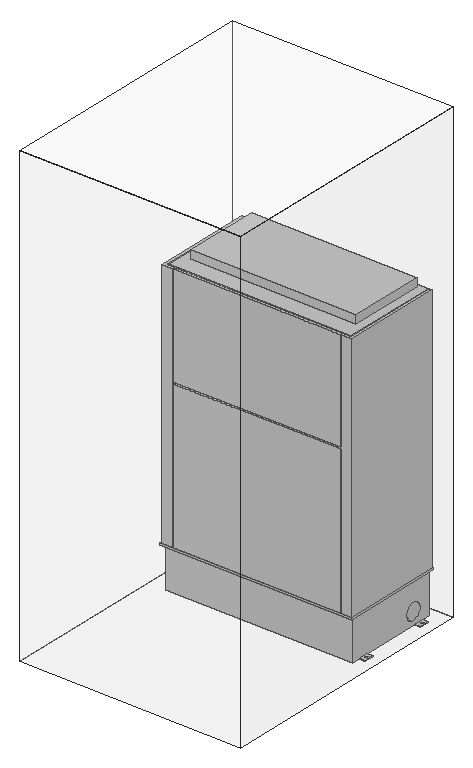
Revit family "pfav-p280_560dmwj_60Hz", category 機械設備, Revit 2019
Family settings
  丸型コネクタ寸法 = 直径を使用
  パーツ タイプ = 標準
  OmniClass 番号 = 23.75.10.24.21.27.27
  OmniClass タイトル = Split System Air Conditioning Units
  作業面ベース = いいえ
  常に垂直 = はい
  ロード時にボイドで切り取り = いいえ
  共有 = いいえ
  部屋計算ポイント = いいえ
Parameters (values of type "PFAV-P280DMWJ")
  風量（m3／min） = 70
  風量 = MAX風量  # 4200 m³/h
  音響パワーレベル(dB) = 68
  電源種別 = ""
  電圧_電気ヒーター = 0 V
  電圧 = 200 V
  電動機出力_送風機 = 1200.000 W
  電動機出力_圧縮機 = 6460.000 W
  運転質量 = 0.00 kg
  連動 = ""
  質量 = if(製品質量 > 運転質量, 製品質量, 運転質量) * 1.2  # 286.80 kg
  負荷分類 = 3_ファン類
  説明 = "設備用パッケージエアコン 空冷床置形・冷暖兼用 ユニット内洗浄可能シリーズ"
  設計暖房能力 [instance] = 0 kW
  設計冷房能力_顕熱 [instance] = 0 kW
  設計冷房能力 [instance] = 0 kW
  設置方法 = "床置立形"
  記号 [instance] = ""
  製造元 = "三菱電機株式会社"
  製品質量 = 239.00 kg
  製品出荷対象 = "国内"
  製品リリース年月 = "2023年06月30日"
  製品グループ = ""
  系統 [instance] = ""
  符号 = "PAC-FRV"
  積算_科目 = "1 空気調和設備"
  積算_拾い区分 [instance] = ""
  相 = 3
  盤記号 [instance] = ""
  発停方法 = ""
  特殊仕様 [instance] = ""
  火災停止 = ""
  消費電力_電気ヒーター = 0.000 W
  消費電力_暖房 = 490.000 W
  消費電力_加湿器 = 0.000 W
  消費電力_冷房 = 490.000 W
  消費電力 = if(消費電力_冷房 > 消費電力_暖房, 消費電力_冷房, 消費電力_暖房) + 消費電力_加湿器 + 消費電力_電気ヒーター  # 490.000 W
  法定耐用年数 = "15"
  機械基礎質量 [instance] = 0.00 kg
  機械基礎_W = 0.00 mm
  機械基礎_H = 0.00 mm
  機械基礎_D = 0.00 mm
  機械基礎 [instance] = no
  機外静圧 = 30.0 Pa
  極数 = 3
  材質 [instance] = ""
  本体マテリアル = none
  有効加湿量 = 0
  最小電線太さ_mm = 1.6
  最大電流値 = 4.7 A
  暖房能力 = 28 kW
  推奨ブレーカー容量 = 15 A
  形式_加湿器 = ""
  形式 = "床置（露出）立形"
  形名 = PFAV-P-DMWJ : PFAV-P280DMWJ
  幹線記号 [instance] = ""
  始動方式 = "直入"
  呼称 = "パッケージ形空気調和機_室内機"
  周波数 = 60 Hz
  台数_手元リモコン [instance] = ""
  台数_冷媒分岐ユニット [instance] = ""
  参照している仕様書等のバージョン = "公共建築工事標準仕様書（機械設備工事編）平成31年度版"
  加湿給水管径 = 0.00 mm
  分類コード = "50053003020020"
  分類グループ = ""
  冷房能力 = 25 kW
  冷媒高低圧ガス管径 = 0.00 mm
  冷媒管径符号 = "Bf"
  冷媒管径 = 100.00 mm
  冷媒液管径 = 9.52 mm
  冷媒ガス管径 = 22.20 mm
  価格 = 0
  企業コード = "108420"
  付属品_フィルター = ""
  付属品 [instance] = ""
  仕様書バージョン = "Version1.0"
  モデル = "PFAV-P280DMWJ"
  ドレン管径 = 48.60 mm
  ダクト高 = 484 mm
  ダクト幅 = 1050 mm
  サービススペース = yes
  コメント [instance] = ""
  Keynote = ""
  Width = 1200.00 mm
  Version = ""
  Uniclass2015Version = "Systems v1.9"
  Uniclass2015Title = "Split coil remote air cooled condensing units"
  Uniclass2015Code = "Pr_70_65_03_84"
  URL = "https://www.mitsubishielectric.co.jp/ldg/wink/ssl/displayProduct.do?pid=326773&ccd"
  S寸法 = 150.00 mm
  SpecificationReference = ""
  SpecificationDescription = ""
  Revision = ""
  ProductInformation = ""
  OmniClassCode = "23-33 17 13 11"
  MAX風量 = 風量（m3／min） * 60 m³/h  # 4200 m³/h
  IfcTypeProduct = ""
  IfcProduct = ""
  IfcExportType = "AIRCONDITIONINGUNIT"
  IfcExportAs = "IfcUnitaryEquipmentType"
  Height = 1900.00 mm
  Depth = 635.00 mm
  Clearance Top = 1000.00 mm
  Clearance Right = 100.00 mm
  Clearance Left = 100.00 mm
  Clearance Front = 1000.00 mm
  Clearance Back = 50.00 mm
  COP = 0
  Author = "三菱電機株式会社"
  APF = 0
Types (2, lengths in mm): name | 風量（m3／min） | 風量 | 音響パワーレベル(dB) | 電動機出力_送風機 | 電動機出力_圧縮機 | 質量 | 製品質量 | 消費電力_暖房 | 消費電力_冷房 | 消費電力 | 最大電流値 | 暖房能力 | 形名 | 冷房能力 | 冷媒管径符号 | 冷媒液管径 | 冷媒ガス管径 | モデル | ダクト高 | ダクト幅 | Width | URL | MAX風量
  PFAV-P280DMWJ | 70 | 4200 m³/h | 68 | 1200.000 W | 6460.000 W | 286.80 kg | 239.00 kg | 490.000 W | 490.000 W | 490.000 W | 4.7 A | 28 kW | PFAV-P-DMWJ : PFAV-P280DMWJ | 25 kW | "Bf" | 9.52 | 22.20 | "PFAV-P280DMWJ" | 484 | 1050 | 1200.00 | "https://www.mitsubishielectric.co.jp/ldg/wink/ssl/displayProduct.do?pid=326773&ccd" | 4200 m³/h
  PFAV-P560DMWJ | 165 | 9900 m³/h | 76 | 2400.000 W | 12700.000 W | 404.40 kg | 337.00 kg | 1580.000 W | 1580.000 W | 1580.000 W | 8.7 A | 56 kW | PFAV-P-DMWJ : PFAV-P560DMWJ | 50 kW | "Dh" | 15.88 | 28.58 | "PFAV-P560DMWJ" | 485 | 1257 | 1720.00 | "https://www.mitsubishielectric.co.jp/ldg/wink/ssl/displayProduct.do?pid=326774&ccd" | 9900 m³/h
Reference planes
  plane 1: z = 0
  plane 2 "上": z = 1802
  plane 3: z = 1900
  plane 4: z = 0
  plane 5: z = 2900
  plane 6 "中心(正面/背面)": y = -317.5
  plane 7 "中心(左/右)": x = 0
  plane 8 "左": x = -600
  plane 9 "右": x = 600
  plane 10 "正面": y = -635
  plane 11 "背面": y = 0
  plane 12: y = 150
  plane 13: x = -750
  plane 14: y = -785
  plane 15: y = 50
  plane 16: y = -1635
  plane 17: x = -700
  plane 18: x = 700
  plane 19: x = 750
Dimensions and locks
  locked: plane 3 to plane 2 "上" at 98
  "Height": plane 3 to plane 4
  "Clearance Top": plane 5 to plane 3
  "機械基礎_H": plane 4 to plane 1
  equal spacing: plane 8 "左", plane 7 "中心(左/右)", plane 9 "右"
  "Width": plane 8 "左" to plane 9 "右"
  equal spacing: plane 10 "正面", plane 6 "中心(正面/背面)", plane 11 "背面"
  "Depth": plane 10 "正面" to plane 11 "背面"
  "Clearance Left": plane 17 to plane 8 "左"
  "Clearance Right": plane 9 "右" to plane 18
  "Clearance Front": plane 16 to plane 10 "正面"
  "Clearance Back": plane 11 "背面" to plane 15
  aligned and locked: level to plane 1
  aligned and locked: plane 18 to nested 1
  aligned and locked: plane 16 to nested 1
  aligned and locked: nested 1 to plane 17
  aligned and locked: nested 1 to plane 15
  aligned and locked: plane 7 "中心(左/右)" to nested 2
  aligned and locked: plane 6 "中心(正面/背面)" to nested 2
  aligned and locked: plane 5 to nested 1
  aligned and locked: plane 4 to nested 2
Nested families
  nested 1: "サービススペース（pfav-p224_560dme3）" at (0, -792.5, 1450), visible <- "サービススペース", type "サービススペース（pfav-p224_560dme3）"
    with Width 1400.00 mm, Height 2900.00 mm, Depth 1685.00 mm
  nested 2: "PFAV-P-DMWJ" at (0, -317.5, 0), マテリアル1 <- "本体マテリアル", type <- "形名", type "PFAV-P280DMWJ"
    with 表示 yes, マテリアル2 none, マテリアル1 none
Connectors
  piping at (593.5, -138, 81.5), diameter 100, driven by "冷媒管径", driven by "冷媒管径符号"
    settings: on nested 2, index 3, connector inside diameter 609.60 mm, connector length 0.00 mm, flow factor 0, pipe flow 0.0 L/s, pressure drop 0.0 Pa, fitting loss kfactor 0, connector angle 0.00°, fixture units 0, engagement length 0.00 mm, angle of deflection 0.00°, flow configuration 1, flow direction 1, fitting loss method 4, system type 7, joint type 0, gender type 0, connector reference index -1, connector utility 0, adjustable connector no, is connector primary yes, connector description "Bf"
  electrical at (600, -317.5, 1055), driven by "極数", driven by "負荷分類", driven by "電圧", driven by "消費電力"
    settings: on nested 2, index 6, voltage 200 V, apparent load 490 VA, apparent load phase1 0 VA, apparent load phase2 0 VA, apparent load phase3 0 VA, power factor 1, load classification "3_ファン類", number of poles 3, system type 30, power factor state 1, is connector primary yes, connector utility no, sub classification motor no, connector description ""
  hvac at (0, -262, 1900), driven by "ダクト幅", driven by "ダクト高", driven by "風量", driven by "機外静圧"
    settings: on nested 2, index 7, duct flow 4200 m³/h, flow factor 0, pres drop 30.0 Pa, loss coef 0, conn angle 0.00°, conn width 484 mm, conn height 1050 mm, conn diameter 609.6 mm, duct sys type 1, conn prof type 1, flow config 1, flow direction 2, loss method 4, conn ref index -1, conn util no, is conn primary yes, conn desc ""
  piping at (-593.5, -138, 81.5), diameter 100, driven by "冷媒管径符号", driven by "冷媒管径"
    settings: on nested 2, index 9, connector inside diameter 609.60 mm, connector length 0.00 mm, flow factor 0, pipe flow 0.0 L/s, pressure drop 0.0 Pa, fitting loss kfactor 0, connector angle 0.00°, fixture units 0, engagement length 0.00 mm, angle of deflection 0.00°, flow configuration 1, flow direction 1, fitting loss method 4, system type 7, joint type 0, gender type 0, connector reference index -1, connector utility 0, adjustable connector no, is connector primary no, connector description "Bf"
  piping at (-593.5, -310, 109), diameter 48.6, driven by "ドレン管径"
    settings: on nested 2, index 10, connector inside diameter 609.60 mm, connector length 0.00 mm, flow factor 0, pipe flow 0.0 L/s, pressure drop 0.0 Pa, fitting loss kfactor 0, connector angle 0.00°, fixture units 0, engagement length 0.00 mm, angle of deflection 0.00°, flow configuration 1, flow direction 2, fitting loss method 4, system type 16, joint type 0, gender type 0, connector reference index -1, connector utility 0, adjustable connector no, is connector primary no, connector description ""
Definition of nested family "サービススペース（pfav-p224_560dme3）"
  Parameters (values of type "サービススペース")
    Width [instance] = 500.00 mm
    Height [instance] = 500.00 mm
    Depth [instance] = 500.00 mm
  Reference planes
    plane 1 "中心(正面/背面)": y = 0
    plane 2: z = 0
    plane 3 "中心(左/右)": x = 0
    plane 4: y = -250
    plane 5: x = 250
    plane 6: y = 250
    plane 7: x = -250
    plane 8: z = 250
    plane 9: z = -250
  Forms (mm)
    Extrusion 1, solid
      sketch origin (-638.939, 0, 72.39) x (1, 0, 0) y (0, 1, 0)
        loop
          line (388.939, 250) -> (388.939, -250) -> (888.939, -250) -> (888.939, 250) -> (388.939, 250)
      from -322.39 to 177.61
  Lines and regions (mm)
    symbolic lines
      curve 1: line (-250, 0, 250) -> (250, 0, 250)
      curve 2: line (-250, 0, -250) -> (-250, 0, 250)
      curve 3: line (250, 0, -250) -> (-250, 0, -250)
      curve 4: line (250, 0, 250) -> (250, 0, -250)
      curve 5: line (0, -250, 250) -> (0, 250, 250)
      curve 6: line (0, -250, -250) -> (0, -250, 250)
      curve 7: line (0, 250, -250) -> (0, -250, -250)
      curve 8: line (0, 250, 250) -> (0, 250, -250)
      curve 9: line (-250, 250, 0) -> (250, 250, 0)
      curve 10: line (-250, -250, 0) -> (-250, 250, 0)
      curve 11: line (250, -250, 0) -> (-250, -250, 0)
      curve 12: line (250, 250, 0) -> (250, -250, 0)
  Dimensions and locks
    equal spacing: plane 7, plane 3 "中心(左/右)", plane 5
    equal spacing: plane 4, plane 1 "中心(正面/背面)", plane 6
    "Depth": plane 4 to plane 6
    "Width": plane 7 to plane 5
    equal spacing: plane 8, plane 2, plane 9
    "Height": plane 8 to plane 9
    aligned and locked: plane 9 to curve 3
    aligned and locked: plane 7 to curve 2
    aligned and locked: curve 4 to plane 5
    aligned and locked: plane 5 to Extrusion 1
    aligned and locked: Extrusion 1 to plane 7
    aligned and locked: Extrusion 1 to plane 9
    aligned and locked: plane 8 to Extrusion 1
    aligned and locked: plane 9 to curve 7
  Automatic sketch dimensions
    plane 4 to Extrusion 1 sketch curve = 0.00 mm
    Extrusion 1 sketch curve to plane 7 = 0.00 mm
    Extrusion 1 sketch curve to plane 5 = 0.00 mm
    plane 6 to Extrusion 1 sketch curve = 0.00 mm
    curve 2 to plane 8 = 0.00 mm
    plane 4 to curve 11 = 0.00 mm
    curve 11 to plane 7 = 0.00 mm
    curve 11 to plane 5 = 0.00 mm
    plane 6 to curve 10 = 0.00 mm
    curve 7 to plane 4 = 0.00 mm
    curve 7 to plane 6 = 0.00 mm
    curve 6 to plane 8 = 0.00 mm
Definition of nested family "PFAV-P-DMWJ"
  Parameters (values of type "PFAV-P280DMWJ")
    液径 = 9.52 mm
    液-W = 0.00 mm
    液-H = 225.00 mm
    液-D = 185.00 mm
    高 = 1850.00 mm
    電源径 = 43.00 mm
    電源-W = 0.00 mm
    電源-H = 90.00 mm
    電源-D = 385.00 mm
    表示 [instance] = yes
    最外形-幅 = 1261.00 mm
    幅 = 1200.00 mm
    奥行 = 635.00 mm
    吊りボルト径 = 14.00 mm
    吊りボルト-W = 1230.00 mm
    吊りボルト-D = 440.00 mm
    吊りボルト-H = 0.00 mm
    加湿給水管径 = 27.00 mm
    加湿給水-W = 365.00 mm
    加湿給水-H = 520.00 mm
    加湿給水-D = 0.00 mm
    冷媒径 = 100.00 mm
    ガス径 = 19.05 mm
    ガス-W = 0.00 mm
    ガス-H = 215.00 mm
    ガス-D = 107.00 mm
    マテリアル2 [instance] = none
    マテリアル1 [instance] = none
    ドレン径 = 48.60 mm
    ドレン-W = 0.00 mm
    ドレン-H = 117.00 mm
    ドレン-D = 310.00 mm
    w = 1050.00 mm
    h = 50.00 mm
    d = 484.00 mm
    b = 75.00 mm
    a = 19.00 mm
    P560 = no
    P280 = yes
  Types (2, lengths in mm): name | 液径 | 液-H | 液-D | 電源径 | 電源-H | 電源-D | 最外形-幅 | 幅 | 吊りボルト-W | 加湿給水-W | 加湿給水-H | ガス径 | ガス-H | ガス-D | w | d | b | a | P560 | P280
    PFAV-P560DMWJ | 12.70 | 296.00 | 118.00 | 52.00 | 100.00 | 530.00 | 1781.00 | 1720.00 | 1750.00 | 438.00 | 680.00 | 28.58 | 296.00 | 238.00 | 1257.00 | 485.00 | 82.00 | 21.00 | yes | no
    PFAV-P280DMWJ | 9.52 | 225.00 | 185.00 | 43.00 | 90.00 | 385.00 | 1261.00 | 1200.00 | 1230.00 | 365.00 | 520.00 | 19.05 | 215.00 | 107.00 | 1050.00 | 484.00 | 75.00 | 19.00 | no | yes
  Reference planes
    plane 1 "中心(正面/背面)": y = 0
    plane 2: z = 0
    plane 3 "中心(左/右)": x = 0
    plane 4: x = 600
    plane 5: x = -600
    plane 6: y = 317.5
    plane 7: y = -317.5
    plane 8: z = 1900
    plane 9: z = 1850
    plane 10: z = 260
    plane 11: y = 235.5
    plane 12: x = 615
    plane 13: x = -615
    plane 14: y = -237.5
    plane 15: z = 117
    plane 16: z = 90
    plane 17: y = 132.5
    plane 18: z = 225
    plane 19: z = 215
    plane 20: x = 580
    plane 21: x = -580
    plane 22: y = -297.5
    plane 23: x = -530
    plane 24: x = 530
    plane 25: y = -314.5
    plane 26: y = 297.5
    plane 27: z = 5
    plane 28: x = 525
    plane 29: x = -525
    plane 30: y = -206.5
    plane 31: y = -186.5
    plane 32: y = 7.5
    plane 33: y = -67.5
    plane 34: x = 603
    plane 35: y = 171.5
    plane 36: z = 220
    plane 37: y = -47.5
    plane 38: z = 1200
    plane 39: z = 1210
    plane 40: x = -590.5
    plane 41: x = 590.5
    plane 42: x = -630.5
    plane 43: x = 630.5
    plane 44: y = 310
    plane 45: y = -296
    plane 46: y = 179.5
    plane 47: z = 81.5
    plane 48 "ドレン": z = 160
    plane 49 "58": y = -248
    plane 50 "60": y = -188
    plane 51 "380": y = 192
    plane 52: y = -229.5
    plane 53: y = 222
    plane 54: y = 252
    plane 55 "吹き出し-P280_1": x = -492
    plane 56 "吹き出し-P280_2": x = 492
    plane 57 "吹き出し-P560_2": x = 806
    plane 58 "吹き出し-P560_1": x = -736
    plane 59: y = -218
    plane 60 "6-L": x = -606
    plane 61 "6-R": x = 606
    plane 62: z = 270
    plane 63: y = 7.5
  Forms (mm)
    Extrusion 1, solid, material <- "マテリアル1", visible <- "表示", detail levels fine
      sketch origin (0, 0, -400) x (1, 0, 0) y (0, 1, 0)
        loop
          line (530, -297.5) -> (-530, -297.5) -> (-530, -317.5) -> (530, -317.5) -> (530, -297.5)
      from 1610 to 2250
    Extrusion 2, solid, material <- "マテリアル1", visible <- "表示", detail levels fine
      sketch origin (0, 0, -800) x (1, 0, 0) y (0, 1, 0)
        loop
          line (-530, -317.5) -> (530, -317.5) -> (530, -297.5) -> (-530, -297.5) -> (-530, -317.5)
      from 1060 to 2000
    Extrusion 3, solid, material <- "マテリアル2", visible <- "表示", detail levels fine
      sketch origin (0, 0, 0) x (1, 0, 0) y (0, 1, 0)
        loop
          line (590.5, 252) -> (590.5, 192) -> (630.5, 192) -> (630.5, 252) -> (590.5, 252)
        loop
          line (590.5, -188) -> (590.5, -248) -> (630.5, -248) -> (630.5, -188) -> (590.5, -188)
        loop
          line (-630.5, 252) -> (-630.5, 192) -> (-590.5, 192) -> (-590.5, 252) -> (-630.5, 252)
        loop
          line (-630.5, -188) -> (-630.5, -248) -> (-590.5, -248) -> (-590.5, -188) -> (-630.5, -188)
        loop
          circle (-615, 222) r 7
        loop
          circle (615, 222) r 7
        loop
          circle (615, -218) r 7
        loop
          circle (-615, -218) r 7
      from 0 to 5
    Extrusion 4, solid, material <- "マテリアル2", visible <- "表示", detail levels fine
      sketch origin (0, -1140, 0) x (0, -1, 0) y (1, 0, 0)
        loop
          line (-1437.5, 525) -> (-1437.5, -525) -> (-953.5, -525) -> (-953.5, 525) -> (-1437.5, 525)
      from 1850 to 1900
    Extrusion 5, solid, material <- "マテリアル1", visible <- "表示", detail levels fine
      sketch origin (-1437.329, -1524, 1900) x (-1, 0, 0) y (0, -1, 0)
        loop
          line (-837.329, -1841.5) -> (-837.329, -1206.5) -> (-907.329, -1206.5) -> (-907.329, -1226.5) -> (-857.329, -1226.5) -> (-857.329, -1841.5) -> (-837.329, -1841.5)
        loop
          line (-2017.329, -1841.5) -> (-2017.329, -1226.5) -> (-1967.329, -1226.5) -> (-1967.329, -1206.5) -> (-2037.329, -1206.5) -> (-2037.329, -1841.5) -> (-2017.329, -1841.5)
      from -1640 to -50
    Extrusion 6, solid, material <- "マテリアル1", visible <- "表示", detail levels fine
      sketch origin (-1437.329, -1524, 1900) x (-1, 0, 0) y (0, -1, 0)
        loop
          line (-2017.329, -1841.5) -> (-857.329, -1841.5) -> (-857.329, -1226.5) -> (-2017.329, -1226.5) -> (-2017.329, -1841.5)
      from -1640 to -50
    Extrusion 7, solid, material <- "マテリアル2", visible <- "表示", detail levels fine
      sketch origin (-1437.329, -1524, 1900) x (-1, 0, 0) y (0, -1, 0)
        loop
          line (-846.829, -1834) -> (-846.829, -1228) -> (-2027.829, -1228) -> (-2027.829, -1834) -> (-846.829, -1834)
      from -1900 to -1640
    Extrusion 8, solid, material <- "マテリアル1", visible <- "表示", detail levels fine
      sketch origin (590.5, -296, 1900) x (0, 1, 0) y (0, 0, 1)
        loop
          circle (475.5, -1818.5) r 50
      from 0 to 3
    Extrusion 9, solid, detail levels fine
      sketch origin (-590.5, 310, 1900) x (0, -1, 0) y (0, 0, 1)
        loop
          circle (130.5, -1818.5) r 50
      from 0 to 3
    Extrusion 10, solid, detail levels fine
      sketch origin (-1437.329, -1524, 260) x (-1, 0, 0) y (0, -1, 0)
        loop
          line (-831.329, -1847.5) -> (-831.329, -1200.5) -> (-2043.329, -1200.5) -> (-2043.329, -1847.5) -> (-831.329, -1847.5)
      from 0 to 10
    Extrusion 11, solid, detail levels fine
      sketch origin (-590.5, 310, 1892) x (0, -1, 0) y (0, 0, 1)
        loop
          circle (302.5, -1783) r 24.3
      from 0 to 3
  Lines and regions (mm)
    Masking region 1, visible <- "表示", detail levels coarse+medium
      outline origin (0, 0, 0) x (1, 0, 0) y (0, 1, 0)
        loop
          line (-600, 317.5) -> (-600, -317.5) -> (600, -317.5) -> (600, 317.5) -> (-600, 317.5)
    symbolic lines, visible <- "表示"
      curve 1: line (-600, 317.5, 1900) -> (-600, -317.5, 1900)
      curve 2: line (-600, -317.5, 1900) -> (600, -317.5, 1900)
      curve 3: line (600, -317.5, 1900) -> (600, 317.5, 1900)
      curve 4: line (600, 317.5, 1900) -> (-600, 317.5, 1900)
    model lines, visible <- "表示", detail levels fine
      curve 5: line (530, -317.5, 427) -> (-530, -317.5, 427)
      curve 6: line (530, -317.5, 488) -> (-530, -317.5, 488)
      curve 7: line (530, -317.5, 549) -> (-530, -317.5, 549)
      curve 8: line (530, -317.5, 610) -> (-530, -317.5, 610)
      curve 9: line (530, -317.5, 671) -> (-530, -317.5, 671)
      curve 10: line (530, -317.5, 732) -> (-530, -317.5, 732)
      curve 11: line (530, -317.5, 793) -> (-530, -317.5, 793)
      curve 12: line (530, -317.5, 854) -> (-530, -317.5, 854)
      curve 13: line (530, -317.5, 915) -> (-530, -317.5, 915)
      curve 14: line (530, -317.5, 976) -> (-530, -317.5, 976)
      curve 15: line (530, -317.5, 1037) -> (-530, -317.5, 1037)
      curve 25: line (530, -317.5, 366) -> (-530, -317.5, 366)
    model lines, visible <- "P560", detail levels fine
      curve 16: line (-476, -317.5, 1037) -> (-476, -317.5, 366)
      curve 17: line (-292, -317.5, 1037) -> (-292, -317.5, 366)
      curve 18: line (-108, -317.5, 1037) -> (-108, -317.5, 366)
      curve 19: line (76, -317.5, 1037) -> (76, -317.5, 366)
      curve 20: line (260, -317.5, 1037) -> (260, -317.5, 366)
      curve 21: line (444, -317.5, 1037) -> (444, -317.5, 366)
      curve 22: line (628, -317.5, 1037) -> (628, -317.5, 366)
      curve 23: line (812, -317.5, 1037) -> (812, -317.5, 366)
      curve 24: line (996, -317.5, 1037) -> (996, -317.5, 366)
    model lines, visible <- "P280", detail levels fine
      curve 26: line (-492, -317.5, 1037) -> (-492, -317.5, 366)
      curve 27: line (-295.2, -317.5, 1037) -> (-295.2, -317.5, 366)
      curve 28: line (-98.4, -317.5, 1037) -> (-98.4, -317.5, 366)
      curve 29: line (98.4, -317.5, 1037) -> (98.4, -317.5, 366)
      curve 30: line (295.2, -317.5, 1037) -> (295.2, -317.5, 366)
      curve 31: line (492, -317.5, 1037) -> (492, -317.5, 366)
  Dimensions and locks
    equal spacing: plane 7, plane 1 "中心(正面/背面)", plane 6
    "奥行": plane 7 to plane 6
    equal spacing: plane 5, plane 3 "中心(左/右)", plane 4
    "幅": plane 5 to plane 4
    locked: plane 10 to level at 260
    equal spacing: plane 13, plane 3 "中心(左/右)", plane 12
    "吊りボルト-W": plane 13 to plane 12
    locked: plane 7 to plane 14 at 80
    "ドレン-H": plane 15 to level
    "電源-H": plane 16 to level
    "液-H": plane 18 to level
    "ガス-H": plane 19 to level
    "h": plane 8 to plane 9
    locked: plane 5 to plane 21 at 20
    locked: plane 20 to plane 4 at 20
    locked: plane 7 to plane 22 at 20
    locked: plane 7 to plane 25 at 3
    locked: plane 27 to level at 5
    locked: plane 30 to plane 31 at 20
    "d": plane 31 to plane 26
    "高": plane 9 to level
    "液-D": plane 17 to plane 6
    "ドレン-D": plane 32 to plane 6
    "電源-D": plane 33 to plane 6
    locked: plane 4 to plane 34 at 3
    plane 17 to plane 35 = 39.00 mm
    equal spacing: plane 18, plane 36, plane 19
    "加湿給水-W": plane 37 to plane 6
    "最外形-幅": plane 42 to plane 43
    equal spacing: plane 42, plane 3 "中心(左/右)", plane 43
    "b": plane 28 to plane 4
    "w": plane 29 to plane 28
    locked: plane 24 to plane 20 at 50
    locked: plane 21 to plane 23 at 50
    equal spacing: curve 16, curve 17, curve 18, curve 19, curve 20, curve 21, curve 22, curve 23, curve 24
    equal spacing: curve 26, curve 27, curve 28, curve 29, curve 30, curve 31
    plane 11 to plane 6 = 82.00 mm
    locked: plane 42 to plane 60 "6-L" at 24.5
    locked: plane 61 "6-R" to plane 43 at 24.5
    Extrusion 7 to Extrusion 7 = 606.00 mm
    "吊りボルト径": diameter of Extrusion 3 sketch curve  (x4)
    "冷媒径": diameter of Extrusion 8 sketch curve
    diameter of Extrusion 9 sketch curve = 100.00 mm
    aligned and locked: level to plane 2
    aligned and locked: Extrusion 2 to plane 10
    aligned and locked: Extrusion 5 to plane 10
    aligned and locked: Extrusion 4 to plane 9
    aligned and locked: plane 9 to Extrusion 5
    aligned and locked: plane 9 to Extrusion 1
    aligned and locked: Extrusion 2 sketch curve to plane 22
    aligned and locked: Extrusion 5 sketch curve to plane 7
    aligned and locked: Extrusion 5 sketch curve to plane 23
    aligned and locked: Extrusion 5 sketch curve to plane 24
    aligned and locked: Extrusion 5 sketch curve to plane 20
    aligned and locked: plane 22 to Extrusion 5 sketch curve  (x2)
    aligned and locked: Extrusion 2 sketch curve to plane 23
    aligned and locked: Extrusion 2 sketch curve to plane 24
    aligned and locked: Extrusion 1 sketch curve to plane 24
    aligned and locked: Extrusion 1 sketch curve to plane 23
    aligned and locked: Extrusion 1 sketch curve to plane 22
    aligned and locked: Extrusion 6 sketch curve to plane 6
    aligned and locked: Extrusion 6 sketch curve to plane 21
    aligned and locked: Extrusion 6 sketch curve to plane 22
    aligned and locked: Extrusion 6 sketch curve to plane 20
    aligned and locked: plane 9 to Extrusion 6
    aligned and locked: Extrusion 6 to plane 10
    aligned and locked: Extrusion 3 to level
    aligned and locked: plane 27 to Extrusion 3
    aligned and locked: Extrusion 7 to level
    aligned and locked: plane 10 to Extrusion 7
    aligned and locked: Masking region 1 sketch curve to Extrusion 5
    aligned and locked: Masking region 1 sketch curve to plane 7
    aligned and locked: Masking region 1 sketch curve to plane 4
    aligned and locked: curve 4 to Masking region 1
    aligned and locked: plane 8 to Extrusion 4
    aligned and locked: Extrusion 7 sketch curve to plane 44
    aligned and locked: Extrusion 7 sketch curve to plane 45
    aligned and locked: plane 53 to Extrusion 3 sketch curve  (x2)
    aligned and locked: plane 51 "380" to Extrusion 3 sketch curve  (x2)
    aligned and locked: Extrusion 10 to plane 60 "6-L"
    aligned and locked: Extrusion 10 to plane 61 "6-R"
    aligned and locked: plane 60 "6-L" to Extrusion 10 sketch curve
    aligned and locked: plane 61 "6-R" to Extrusion 10 sketch curve
    aligned and locked: Extrusion 1 sketch curve to plane 7
    aligned and locked: plane 7 to Extrusion 2 sketch curve
    aligned and locked: nested 1 to plane 59
    aligned and locked: plane 53 to nested 1
    aligned and locked: plane 13 to nested 1
    aligned and locked: plane 12 to nested 1
  Automatic sketch dimensions
    plane 7 to curve 2 = 0.00 mm
    plane 6 to Extrusion 5 sketch curve = 0.00 mm  (x2)
    Extrusion 5 sketch curve to plane 21 = 0.00 mm
    Extrusion 5 sketch curve to plane 5 = 0.00 mm
    plane 6 to Masking region 1 sketch curve = 0.00 mm
    Extrusion 7 sketch curve to plane 4 = 9.50 mm
    plane 5 to Extrusion 7 sketch curve = 9.50 mm
    curve 3 to plane 4 = 0.00 mm
    curve 2 to plane 5 = 0.00 mm
    plane 31 to Extrusion 4 sketch curve = 0.00 mm
    Extrusion 4 sketch curve to plane 28 = 0.00 mm
    plane 26 to Extrusion 4 sketch curve = 0.00 mm
    Extrusion 4 sketch curve to plane 29 = 0.00 mm
    plane 22 to Extrusion 2 sketch curve = 0.00 mm
    plane 7 to Extrusion 5 sketch curve = 0.00 mm
    Extrusion 5 sketch curve to plane 4 = 0.00 mm
    Extrusion 10 sketch curve to plane 6 = 6.00 mm
    plane 7 to Extrusion 10 sketch curve = 6.00 mm
    Extrusion 7 to Extrusion 9 sketch curve = 130.50 mm
    Extrusion 7 to Extrusion 9 sketch curve = 81.50 mm
    Extrusion 2 to curve 25 = 0.00 mm
    Extrusion 2 to curve 5 = 0.00 mm
    Extrusion 2 to curve 14 = 0.00 mm
    Extrusion 2 to curve 6 = 0.00 mm
    Extrusion 2 to curve 13 = 0.00 mm
    Extrusion 2 to curve 7 = 0.00 mm
    Extrusion 2 to curve 12 = 0.00 mm
    Extrusion 2 to curve 8 = 0.00 mm
    Extrusion 2 to curve 11 = 0.00 mm
    Extrusion 2 to curve 9 = 0.00 mm
    Extrusion 2 to curve 10 = 0.00 mm
    Extrusion 2 to curve 15 = 0.00 mm
    curve 11 to Extrusion 2 = 0.00 mm
    curve 9 to Extrusion 2 = 0.00 mm
    curve 12 to Extrusion 2 = 0.00 mm
    curve 8 to Extrusion 2 = 0.00 mm
    curve 13 to Extrusion 2 = 0.00 mm
    curve 7 to Extrusion 2 = 0.00 mm
    curve 14 to Extrusion 2 = 0.00 mm
    curve 6 to Extrusion 2 = 0.00 mm
    curve 15 to Extrusion 2 = 0.00 mm
    curve 10 to Extrusion 2 = 0.00 mm
    curve 25 to Extrusion 2 = 0.00 mm
    curve 5 to Extrusion 2 = 0.00 mm
    curve 25 to curve 5 = 61.00 mm
    curve 5 to curve 6 = 61.00 mm
    curve 6 to curve 7 = 61.00 mm
    curve 7 to curve 8 = 61.00 mm
    curve 8 to curve 9 = 61.00 mm
    curve 9 to curve 10 = 61.00 mm
    curve 10 to curve 11 = 61.00 mm
    curve 11 to curve 12 = 61.00 mm
    curve 12 to curve 13 = 61.00 mm
    curve 13 to curve 14 = 61.00 mm
    curve 14 to curve 15 = 61.00 mm
    Extrusion 2 to curve 28 = 106.00 mm
    curve 16 to Extrusion 2 = 54.00 mm
    curve 16 to curve 17 = 184.00 mm
    curve 26 to curve 17 = 200.00 mm
    curve 27 to curve 18 = 187.20 mm
    Extrusion 7 to Extrusion 11 sketch curve = 109.00 mm
    Extrusion 7 to Extrusion 11 sketch curve = 302.50 mm
    Extrusion 3 sketch curve to plane 42 = 0.00 mm  (x2)
    Extrusion 3 sketch curve to plane 13 = 0.00 mm  (x2)
    Extrusion 3 sketch curve to plane 51 "380" = 0.00 mm
    Extrusion 3 sketch curve to plane 50 "60" = 0.00 mm  (x2)
    Extrusion 3 sketch curve to plane 49 "58" = 0.00 mm  (x2)
    Extrusion 3 sketch curve to plane 54 = 0.00 mm  (x2)
    Extrusion 3 sketch curve to plane 12 = 0.00 mm  (x2)
    Extrusion 3 sketch curve to plane 43 = 0.00 mm  (x2)
    Extrusion 3 sketch curve to plane 59 = 0.00 mm  (x2)
    plane 5 to Extrusion 3 sketch curve = 9.50 mm  (x2)
    Extrusion 3 sketch curve to plane 4 = 9.50 mm  (x2)
    Extrusion 8 sketch curve to Extrusion 7 = 130.50 mm
    Extrusion 7 to Extrusion 8 sketch curve = 81.50 mm
    radius of Extrusion 11 sketch curve = 24.30 mm
  Nested families
    nested 1: "固定点" at (-615, -218, 0), type "固定点"
      with W 1230.00 mm, D 440.00 mm
  Definition of nested family "固定点"
    Parameters (values of type "固定点")
      中心円 = 14.00 mm
      W [instance] = 1000.00 mm
      D [instance] = 1000.00 mm
    Reference planes
      plane 1 "中心(正面/背面)": y = 0
      plane 2: z = 0
      plane 3 "中心(左/右)": x = 0
      plane 4: x = 1000
      plane 5: y = 1000
    Lines and regions (mm)
      symbolic lines, detail levels fine
        curve 1: circle (0, 1000, 0) r 7 normal (0, 0, 1)
        curve 2: circle (0, 0, 0) r 7 normal (0, 0, 1)
        curve 3: circle (1000, 1000, 0) r 7 normal (0, 0, 1)
        curve 4: circle (1000, 0, 0) r 7 normal (0, 0, 1)
        curve 5: line (-200, 1000, 0) -> (1200, 1000, 0)
        curve 6: line (-200, 0, 0) -> (1200, 0, 0)
        curve 7: line (0, 1200, 0) -> (0, -200, 0)
        curve 8: line (1000, 1200, 0) -> (1000, -200, 0)
    Dimensions and locks
      "W": plane 3 "中心(左/右)" to plane 4
      "D": plane 1 "中心(正面/背面)" to plane 5
      "中心円": diameter of curve 1
      "中心円": diameter of curve 2
      "中心円": diameter of curve 3
      "中心円": diameter of curve 4
      aligned and locked: level to plane 2
      aligned and locked: plane 5 to curve 1
      aligned and locked: plane 3 "中心(左/右)" to curve 1
      aligned and locked: plane 3 "中心(左/右)" to curve 2
      aligned and locked: plane 1 "中心(正面/背面)" to curve 2
      aligned and locked: plane 4 to curve 3
      aligned and locked: plane 5 to curve 3
      aligned and locked: plane 1 "中心(正面/背面)" to curve 4
      aligned and locked: plane 4 to curve 4
      aligned and locked: plane 1 "中心(正面/背面)" to curve 6
      aligned and locked: curve 7 to plane 3 "中心(左/右)"
      aligned and locked: curve 8 to plane 4
    Automatic sketch dimensions
      curve 5 to plane 5 = 0.00 mm
      curve 6 to plane 3 "中心(左/右)" = 200.00 mm
      curve 5 to plane 3 "中心(左/右)" = 200.00 mm
      curve 4 to curve 6 = 200.00 mm
      curve 3 to curve 5 = 200.00 mm
      plane 1 "中心(正面/背面)" to curve 8 = 200.00 mm
      plane 1 "中心(正面/背面)" to curve 7 = 200.00 mm
      curve 3 to curve 8 = 200.00 mm
      curve 1 to curve 7 = 200.00 mm
